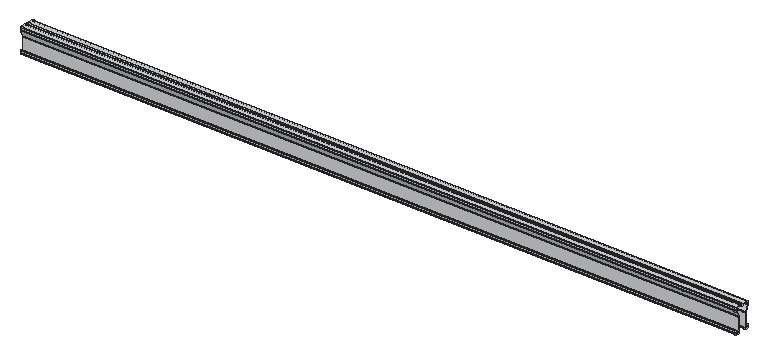
Revit family "33TSC4.00 20g Top Chord", category Structural Framing, Revit 2020
Family settings
  Section Shape = Not Defined
  Material for Model Behavior = Steel
  Always export as geometry = No
  OmniClass Number = 23.25.30.11.14.14
  OmniClass Title = Beams
  Always vertical = Yes
  Cut with Voids When Loaded = No
  Symbolic Representation = From Family
  Shared = No
  Show family pre-cut in plan views = Yes
Parameters
  Weight lbs per ft [instance] = 1.4924
  URL = "https://www.trussteel.com/details_files/pdf/ts008.pdf"
  Total Member Weight lbs [instance] = Length / 1' 0" * Weight lbs per ft  # 14.924
  Structural Material = ASTM A653 SS Grade 55 G90
  Steel Design Thickness (in) [instance] = 0.0346
  Model = "33TSC4.00"
  Manufacturer = "TrusSteel"
  Length [instance] = 10' - 0"
  Fy (ksi) [instance] = 55
  Fu (ksi) [instance] = 65
  Description = "Chord"
  Cross Section Area (in2) [instance] = 0.4389
  Beam Height = 0' - 4"
  Beam Width = 0' - 2 1/2"
Reference planes (in)
  plane 1 "Center (Front/Back)": y = 0
  plane 2 "Center El.": z = 0
  plane 3 "Center (Left/Right)": x = 0
  plane 4 "Left": x = -60
  plane 5 "Right": x = 60
Forms (in)
  Extrusion 1, solid
    sketch origin (0, 0, 0) x (0, 1, 0) y (0, 0, 1)
      loop
        line (0.23958, -0.0346) -> (1.1214, -0.0346)
        arc (1.1214, -0.0346) -> (1.18787, -0.06213) -> (1.2154, -0.1286) r 0.094
        line (1.2154, -0.1286) -> (1.2154, -0.41489)
        arc (1.2154, -0.41489) -> (1.20713, -0.49051) -> (1.18272, -0.56257) r 0.35
        line (1.18272, -0.56257) -> (0.78591, -1.41518)
        arc (0.78591, -1.41518) -> (0.75909, -1.49435) -> (0.75, -1.57746) r 0.3846
        line (0.75, -1.57746) -> (0.75, -3.9054)
        arc (0.75, -3.9054) -> (0.77771, -3.97229) -> (0.8446, -4) r 0.0946
        line (0.8446, -4) -> (1.1554, -4)
        arc (1.1554, -4) -> (1.22229, -3.97229) -> (1.25, -3.9054) r 0.0946
        line (1.25, -3.9054) -> (1.25, -3.5946)
        arc (1.25, -3.5946) -> (1.22229, -3.52771) -> (1.1554, -3.5) r 0.0946
        line (1.1554, -3.5) -> (1, -3.5) -> (1, -3.5346) -> (1.1554, -3.5346)
        arc (1.1554, -3.5346) -> (1.19783, -3.55217) -> (1.2154, -3.5946) r 0.06
        line (1.2154, -3.5946) -> (1.2154, -3.9054)
        arc (1.2154, -3.9054) -> (1.19783, -3.94783) -> (1.1554, -3.9654) r 0.06
        line (1.1554, -3.9654) -> (0.8446, -3.9654)
        arc (0.8446, -3.9654) -> (0.80217, -3.94783) -> (0.7846, -3.9054) r 0.06
        line (0.7846, -3.9054) -> (0.7846, -1.57746)
        arc (0.7846, -1.57746) -> (0.79287, -1.50183) -> (0.81728, -1.42978) r 0.35
        line (0.81728, -1.42978) -> (1.21409, -0.57717)
        arc (1.21409, -0.57717) -> (1.24091, -0.49799) -> (1.25, -0.41489) r 0.3846
        line (1.25, -0.41489) -> (1.25, -0.1286)
        arc (1.25, -0.1286) -> (1.21233, -0.03767) -> (1.1214, 0) r 0.1286
        line (1.1214, 0) -> (0.23958, 0)
        arc (0.23958, 0) -> (0.1912, -0.01186) -> (0.15379, -0.04476) r 0.1046
        arc (0.15379, -0.04476) -> (0, -0.125) -> (-0.15379, -0.04476) r 0.1875
        arc (-0.15379, -0.04476) -> (-0.1912, -0.01186) -> (-0.23958, 0) r 0.1046
        line (-0.23958, 0) -> (-1.1214, 0)
        arc (-1.1214, 0) -> (-1.21233, -0.03767) -> (-1.25, -0.1286) r 0.1286
        line (-1.25, -0.1286) -> (-1.25, -0.41489)
        arc (-1.25, -0.41489) -> (-1.24091, -0.49799) -> (-1.21409, -0.57717) r 0.3846
        line (-1.21409, -0.57717) -> (-0.81728, -1.42978)
        arc (-0.81728, -1.42978) -> (-0.79287, -1.50183) -> (-0.7846, -1.57746) r 0.35
        line (-0.7846, -1.57746) -> (-0.7846, -3.9054)
        arc (-0.7846, -3.9054) -> (-0.80217, -3.94783) -> (-0.8446, -3.9654) r 0.06
        line (-0.8446, -3.9654) -> (-1.1554, -3.9654)
        arc (-1.1554, -3.9654) -> (-1.19783, -3.94783) -> (-1.2154, -3.9054) r 0.06
        line (-1.2154, -3.9054) -> (-1.2154, -3.5946)
        arc (-1.2154, -3.5946) -> (-1.19783, -3.55217) -> (-1.1554, -3.5346) r 0.06
        line (-1.1554, -3.5346) -> (-1, -3.5346) -> (-1, -3.5) -> (-1.1554, -3.5)
        arc (-1.1554, -3.5) -> (-1.22229, -3.52771) -> (-1.25, -3.5946) r 0.0946
        line (-1.25, -3.5946) -> (-1.25, -3.9054)
        arc (-1.25, -3.9054) -> (-1.22229, -3.97229) -> (-1.1554, -4) r 0.0946
        line (-1.1554, -4) -> (-0.8446, -4)
        arc (-0.8446, -4) -> (-0.77771, -3.97229) -> (-0.75, -3.9054) r 0.0946
        line (-0.75, -3.9054) -> (-0.75, -1.57746)
        arc (-0.75, -1.57746) -> (-0.75909, -1.49435) -> (-0.78591, -1.41518) r 0.3846
        line (-0.78591, -1.41518) -> (-1.18272, -0.56257)
        arc (-1.18272, -0.56257) -> (-1.20713, -0.49051) -> (-1.2154, -0.41489) r 0.35
        line (-1.2154, -0.41489) -> (-1.2154, -0.1286)
        arc (-1.2154, -0.1286) -> (-1.18787, -0.06213) -> (-1.1214, -0.0346) r 0.094
        line (-1.1214, -0.0346) -> (-0.23958, -0.0346)
        arc (-0.23958, -0.0346) -> (-0.2072, -0.04254) -> (-0.18217, -0.06456) r 0.07
        arc (-0.18217, -0.06456) -> (0, -0.1596) -> (0.18217, -0.06456) r 0.2221
        arc (0.18217, -0.06456) -> (0.2072, -0.04254) -> (0.23958, -0.0346) r 0.07
    from -60 to 60
Dimensions and locks (in)
  equal spacing: plane 4 "Left", plane 3 "Center (Left/Right)", plane 5 "Right"
  "Length": plane 4 "Left" to plane 5 "Right"
  "Beam Width": Extrusion 1 to Extrusion 1
  "Beam Height": Extrusion 1 to Extrusion 1
  aligned and locked: level to plane 2 "Center El."
  aligned and locked: plane 4 "Left" to Extrusion 1
  aligned and locked: Extrusion 1 to plane 5 "Right"
Automatic sketch dimensions
  Extrusion 1 sketch curve to Extrusion 1 sketch curve = 0' - 0"  (x33)
  Extrusion 1 sketch curve to level = 0' - 0"  (x2)
  Extrusion 1 sketch curve to plane 1 "Center (Front/Back)" = 0' - 0"
  plane 1 "Center (Front/Back)" to Extrusion 1 sketch curve = 0' - 0.23958"
  plane 1 "Center (Front/Back)" to Extrusion 1 sketch curve = 0' - 0 3/4"
  Extrusion 1 sketch curve to Extrusion 1 sketch curve = 0' - 0.0346"  (x2)
  Extrusion 1 sketch curve to Extrusion 1 sketch curve = 0' - 0.00131"  (x2)
  Extrusion 1 sketch curve to Extrusion 1 sketch curve = 0' - 0.03137"  (x2)
  Extrusion 1 sketch curve to Extrusion 1 sketch curve = 0' - 0.06"  (x4)
  Extrusion 1 sketch curve to Extrusion 1 sketch curve = 0' - 0.62582"  (x2)
  Extrusion 1 sketch curve to Extrusion 1 sketch curve = 0' - 0.1554"  (x4)
  Extrusion 1 sketch curve to level = 0' - 0.0346"  (x2)
  Extrusion 1 sketch curve to Extrusion 1 sketch curve = 0' - 0.256"  (x2)
  Extrusion 1 sketch curve to Extrusion 1 sketch curve = 0' - 0.31732"  (x3)
  Extrusion 1 sketch curve to Extrusion 1 sketch curve = 0' - 0.3108"  (x2)
  Extrusion 1 sketch curve to level = 0' - 0.56257"  (x2)
  Extrusion 1 sketch curve to level = 0' - 0.57717"  (x2)
  Extrusion 1 sketch curve to Extrusion 1 sketch curve = 0' - 0.03268"  (x2)
  Extrusion 1 sketch curve to level = 0' - 0.1046"
  Extrusion 1 sketch curve to plane 1 "Center (Front/Back)" = 0' - 0.23958"
  Extrusion 1 sketch curve to plane 1 "Center (Front/Back)" = 0' - 0 3/4"
  Extrusion 1 sketch curve to Extrusion 1 sketch curve = 0' - 0.35"
  Extrusion 1 sketch curve to Extrusion 1 sketch curve = 0' - 0.85261"  (x2)
  Extrusion 1 sketch curve to Extrusion 1 sketch curve = 0' - 1.92254"  (x2)
  Extrusion 1 sketch curve to Extrusion 1 sketch curve = 0' - 0.3708"
  Extrusion 1 sketch curve to Extrusion 1 sketch curve = 0' - 0.07"
  level to Extrusion 1 sketch curve = 0' - 0 1/16"
